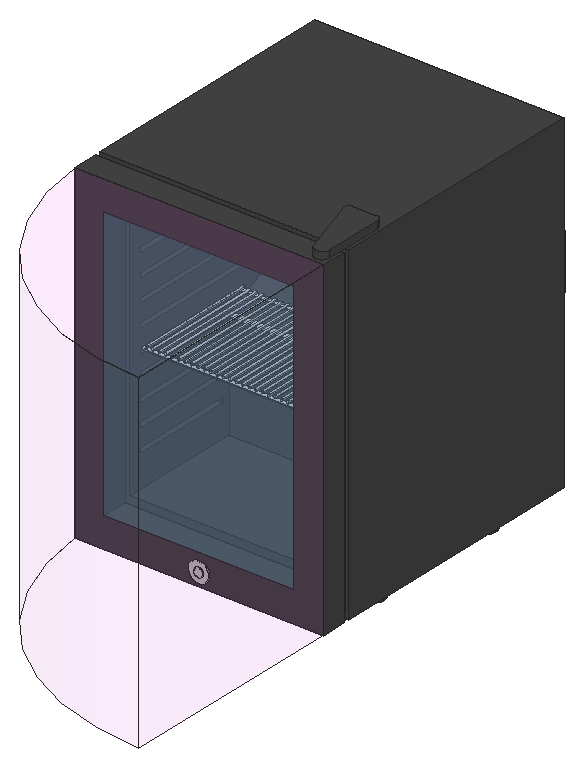
Revit family "QF_Summit_SCR114L_Compact_Commercial_Beverage", category Specialty Equipment, Revit 2020
Family settings
  Round Connector Dimension = Use Diameter
  Part Type = Normal
  Work Plane-Based = No
  Always vertical = Yes
  Cut with Voids When Loaded = No
  Shared = No
  Room Calculation Point = No
Parameters
  Weight in Pounds = 47
  Watts = Volts * FL Amps  # 149.5 W
  Volts = 115 V
  URL Cutsheet = ""
  Specification by User = ""
  Specification by Manufacturer = ""
  Show RHD [instance] = not(Show LHD)  # no
  Show LHD [instance] = yes
  Show Clearance [instance] = yes
  Serial Number = ""
  Seismic Rating = ""
  SMACNA No = ""
  Revision Code = ""
  Refrigerant Volume = 0.00 kip
  Refrigerant Type = "R600a"
  Phase = 1
  Number of Poles = 1
  NAFEM Spec ID Number = ""
  Model = "SCR114L"
  Min Ckt Ampacity = 0 A
  Max Overcurrent Protection = 0 A
  Masterspec = ""
  Manufacturer = "Summit"
  Length = 13 3/4"
  Item Number = ""
  Installed By = ""
  Identify Quantity as Lot = yes
  Height = 19 1/4"
  HP = ""
  Furnished By = ""
  Foodservice Equipment Identifier = yes
  FL Amps = 1.3 A
  Electrical Remarks = ""
  Electric Connection Type = ""
  Elec Conn RI Height = 0"
  Elec Conn Connection Height = 0"
  Description = "Compact Commercial Beverage"
  Depth = 17 1/4"
  Default Elevation = 0"
  Cycle = 60 Hz
  Conn Plug = ""
  Conn Conduit = yes
  CSI MasterFormat = ""
  BTUH = 0.0 Btu/h
  Apparent Power = 0 VA
Reference planes (in)
  plane 1 "BACK": y = 0
  plane 2: z = 0
  plane 3 "LEFT": x = 0
  plane 4 "RIGHT": x = 13.75
  plane 5 "FRONT": y = -17.25
  plane 6 "TOP": z = 19.25
  plane 7 "Center Y": x = 6.875
  plane 8 "Center X": y = -8.625
Dimensions and locks (in)
  equal spacing: plane 3 "LEFT", plane 7 "Center Y", plane 4 "RIGHT"
  "Length": plane 3 "LEFT" to plane 4 "RIGHT"
  equal spacing: plane 5 "FRONT", plane 8 "Center X", plane 1 "BACK"
  "Depth": plane 5 "FRONT" to plane 1 "BACK"
  "Height": plane 6 "TOP" to level
  aligned and locked: level to plane 2
Nested families (in)
  nested 1: "SCR114L" at (0, 0, 0), Show Clearance <- "Show Clearance", Show LHD <- "Show LHD", Show RHD <- "Show RHD", type "SCR114L"
    with Show RHD no, Show LHD yes, Show Clearance yes
Connectors (in)
  electrical at (11.77328, -0.59375, 1.33929), driven by "Volts", driven by "Watts"
    settings: on nested 1, index 1, voltage 115 V, apparent load 149.5 VA, apparent load phase1 0 VA, apparent load phase2 0 VA, apparent load phase3 0 VA, power factor 1, load classification "Other", number of poles 1, system type 30, power factor state 1, is connector primary yes, connector utility no, sub classification motor no, connector description "ELECTRICAL CONNECTION"
Definition of nested family "SCR114L"
  Parameters (values of type "SCR114L")
    Weight in Pounds = 0
    URL Cutsheet = ""
    Specification by User = ""
    Specification by Manufacturer = ""
    Show RHD [instance] = yes
    Show LHD [instance] = yes
    Show Clearance [instance] = yes
    Serial Number = ""
    Seismic Rating = ""
    SMACNA No = ""
    Revision Code = ""
    NAFEM Spec ID Number = ""
    Masterspec = ""
    Length = 13 3/4"
    Item Number = ""
    Installed By = ""
    Identify Quantity as Lot = yes
    Height = 18 7/8"
    Furnished By = ""
    Foodservice Equipment Identifier = yes
    Depth = 17 1/4"
    Default Elevation = 0"
    CSI MasterFormat = ""
  Reference planes (in)
    plane 1 "BACK": y = 0
    plane 2: z = 0
    plane 3 "LEFT": x = 0
    plane 4 "RIGHT": x = 13.75
    plane 5 "FRONT": y = -17.25
    plane 6 "TOP": z = 18.875
    plane 7 "Center Y": x = 6.875
    plane 8 "Center X": y = -8.625
    plane 9: z = 19.25
    plane 10: z = 0.5
    plane 11: y = -30
    plane 12: y = -0.625
    plane 13: y = -15.5
  Forms (in)
    Extrusion 1, solid, visible <- "Show LHD"
      sketch origin (-2.05189, -180, 18.875) x (-1, 0, 0) y (0, -1, 0)
        loop
          arc (-13.99701, -167.06568) -> (-13.79605, -166.96438) -> (-13.75793, -166.74258) r 0.25
          line (-13.75793, -166.74258) -> (-14.81116, -163.29763)
          arc (-14.81116, -163.29763) -> (-15.27142, -163.00723) -> (-15.62667, -163.41951) r 0.41686
          line (-15.62667, -163.41951) -> (-15.62667, -166.71523)
          arc (-15.62667, -166.71523) -> (-15.52402, -166.96303) -> (-15.27622, -167.06568) r 0.35044
          line (-15.27622, -167.06568) -> (-13.99701, -167.06568)
      from 0 to 0.375
    Extrusion 2, solid
      sketch origin (-5.86873, -0.625, 48) x (-1, 0, 0) y (0, 0, 1)
        loop
          line (-5.86873, -29.125) -> (-19.61873, -29.125) -> (-19.61873, -47.5) -> (-5.86873, -47.5) -> (-5.86873, -29.125)
        loop
          line (-7.49152, -30.73628) -> (-17.99152, -30.73628) -> (-17.99152, -45.60013) -> (-7.49152, -45.60013) -> (-7.49152, -30.73628)
      from 0 to -14.875
    Extrusion 3, solid
      sketch origin (0, -17.25, 0) x (1, 0, 0) y (0, 0, 1)
        loop
          line (0, 18.875) -> (0, 0.5) -> (13.75, 0.5) -> (13.75, 18.875) -> (0, 18.875)
        loop
          line (1.62279, 17.26372) -> (1.62279, 2.1726) -> (12.12279, 2.1726) -> (12.12279, 17.26372) -> (1.62279, 17.26372)
      from 0 to -1.41961
    Extrusion 4, solid
      sketch origin (11.87279, -0.625, 2.39987) x (-1, 0, 0) y (0, -1, 0)
        loop
          line (10.25, 3.84042) -> (-0.25, 3.84042) -> (-0.25, 0) -> (10.25, 0) -> (10.25, 3.84042)
      from 0 to 15.25
    Extrusion 5, solid
      sketch origin (1.62279, -17.25, 16.26372) x (0, 0, 1) y (0, -1, 0)
        loop
          line (-5.84735, -12.78458) -> (-7.76691, -8.76722)
          arc (-7.76691, -8.76722) -> (-7.85915, -8.66352) -> (-7.99248, -8.625) r 0.25
          line (-7.99248, -8.625) -> (-14.09112, -8.625) -> (-14.09112, -12.78458) -> (-5.84735, -12.78458)
      from 0 to 10.5
    Extrusion 6, void
      sketch origin (1.62279, -4.46542, 2.01372) x (-1, 0, 0) y (0, 0, 1)
        loop
          line (0.41888, 12.40644) -> (0, 12.40644) -> (0, 12.08856) -> (0.41888, 12.08856) -> (0.41888, 12.40644)
        loop
          line (0.41888, 11.15644) -> (0, 11.15644) -> (0, 10.83856) -> (0.41888, 10.83856) -> (0.41888, 11.15644)
        loop
          line (0.41888, 9.90644) -> (0, 9.90644) -> (0, 9.58856) -> (0.41888, 9.58856) -> (0.41888, 9.90644)
        loop
          line (0.41888, 8.65644) -> (0, 8.65644) -> (0, 8.33856) -> (0.41888, 8.33856) -> (0.41888, 8.65644)
        loop
          line (-10.91888, 12.40644) -> (-10.91888, 12.08856) -> (-10.5, 12.08856) -> (-10.5, 12.40644) -> (-10.91888, 12.40644)
        loop
          line (-10.91888, 11.15644) -> (-10.91888, 10.83856) -> (-10.5, 10.83856) -> (-10.5, 11.15644) -> (-10.91888, 11.15644)
        loop
          line (-10.91888, 9.90644) -> (-10.91888, 9.58856) -> (-10.5, 9.58856) -> (-10.5, 9.90644) -> (-10.91888, 9.90644)
        loop
          line (-10.91888, 8.65644) -> (-10.91888, 8.33856) -> (-10.5, 8.33856) -> (-10.5, 8.65644) -> (-10.91888, 8.65644)
      from -0.43331 to -10.34645
    Extrusion 7, void
      sketch origin (0, 0, 0) x (1, 0, 0) y (0, 0, 1)
        loop
          line (12.54167, 9.42016) -> (12.12279, 9.42016) -> (12.12279, 9.10228) -> (12.54167, 9.10228) -> (12.54167, 9.42016)
        loop
          line (1.20391, 9.42016) -> (1.20391, 9.10228) -> (1.62279, 9.10228) -> (1.62279, 9.42016) -> (1.20391, 9.42016)
      from 7.46394 to 14.81187
    Extrusion 8, void
      sketch origin (1.62279, -4.46542, -4.16508) x (-1, 0, 0) y (0, 0, 1)
        loop
          line (0.41888, 12.40644) -> (0, 12.40644) -> (0, 12.08856) -> (0.41888, 12.08856) -> (0.41888, 12.40644)
        loop
          line (0.41888, 11.15644) -> (0, 11.15644) -> (0, 10.83856) -> (0.41888, 10.83856) -> (0.41888, 11.15644)
        loop
          line (0.41888, 9.90644) -> (0, 9.90644) -> (0, 9.58856) -> (0.41888, 9.58856) -> (0.41888, 9.90644)
        loop
          line (0.41888, 8.65644) -> (0, 8.65644) -> (0, 8.33856) -> (0.41888, 8.33856) -> (0.41888, 8.65644)
        loop
          line (-10.91888, 12.40644) -> (-10.91888, 12.08856) -> (-10.5, 12.08856) -> (-10.5, 12.40644) -> (-10.91888, 12.40644)
        loop
          line (-10.91888, 11.15644) -> (-10.91888, 10.83856) -> (-10.5, 10.83856) -> (-10.5, 11.15644) -> (-10.91888, 11.15644)
        loop
          line (-10.91888, 9.90644) -> (-10.91888, 9.58856) -> (-10.5, 9.58856) -> (-10.5, 9.90644) -> (-10.91888, 9.90644)
        loop
          line (-10.91888, 8.65644) -> (-10.91888, 8.33856) -> (-10.5, 8.33856) -> (-10.5, 8.65644) -> (-10.91888, 8.65644)
      from -4.53572 to -10.34645
    Extrusion 9, solid
      sketch origin (0, -3.41747, 12.82408) x (0, -1, 0) y (1, 0, 0)
        loop
          arc (-3.41747, 0.50556) -> (-3.38086, 0.41717) -> (-3.29247, 0.38056) r 0.125
          line (-3.29247, 0.38056) -> (-2.79247, 0.38056) -> (-2.79247, 1.64968) -> (-3.25616, 1.64968)
          arc (-3.25616, 1.64968) -> (-3.37022, 1.60243) -> (-3.41747, 1.48837) r 0.16131
          line (-3.41747, 1.48837) -> (-3.41747, 0.50556)
        loop
          line (-3.41747, 13.24444) -> (-3.41747, 12.26163)
          arc (-3.41747, 12.26163) -> (-3.37022, 12.14757) -> (-3.25616, 12.10032) r 0.16131
          line (-3.25616, 12.10032) -> (-2.79247, 12.10032) -> (-2.79247, 13.36944) -> (-3.29247, 13.36944)
          arc (-3.29247, 13.36944) -> (-3.38086, 13.33283) -> (-3.41747, 13.24444) r 0.125
      from 0 to -3
    Sweep 10, solid
      path origin (12.12279, -17.25, 2.1726) x (-1, 0, 0) y (0, -1, 0)
        loop
          arc (10.73713, -3.10695) -> (10.66391, -2.93017) -> (10.48713, -2.85695) r 0.25
          line (10.48713, -2.85695) -> (0.01472, -2.85695)
          arc (0.01472, -2.85695) -> (-0.16206, -2.93017) -> (-0.23528, -3.10695) r 0.25
          line (-0.23528, -3.10695) -> (-0.23528, -9.28752)
          arc (-0.23528, -9.28752) -> (-0.16206, -9.46429) -> (0.01472, -9.53752) r 0.25
          line (0.01472, -9.53752) -> (10.48713, -9.53752)
          arc (10.48713, -9.53752) -> (10.66391, -9.46429) -> (10.73713, -9.28752) r 0.25
          line (10.73713, -9.28752) -> (10.73713, -3.10695)
      profile origin (1.38566, -11.05277, 2.1726) x (-1, 0, 0) y (0, 0, 1)
        loop
          circle (-0.0341, 7.02025) r 0.09057
    Extrusion 11, solid
      sketch origin (0, -17.25, 0) x (1, 0, 0) y (0, 0, 1)
        loop
          circle (1.68991, 9.33999) r 0.05664
      from -9.52422 to -2.8379
    Extrusion 12, solid
      sketch origin (10.33158, -17.25, 0) x (1, 0, 0) y (0, 0, 1)
        loop
          circle (1.68991, 9.33999) r 0.05664
      from -9.52422 to -2.8379
    Extrusion 13, solid
      sketch origin (0.35626, -17.25, 0) x (1, 0, 0) y (0, 0, 1)
        loop
          circle (1.68991, 9.33999) r 0.05664
      from -9.52422 to -2.8379
    Extrusion 14, solid
      sketch origin (0.71252, -17.25, 0) x (1, 0, 0) y (0, 0, 1)
        loop
          circle (1.68991, 9.33999) r 0.05664
      from -9.52422 to -2.8379
    Extrusion 15, solid
      sketch origin (1.06878, -17.25, 0) x (1, 0, 0) y (0, 0, 1)
        loop
          circle (1.68991, 9.33999) r 0.05664
      from -9.52422 to -2.8379
    Extrusion 16, solid
      sketch origin (1.42505, -17.25, 0) x (1, 0, 0) y (0, 0, 1)
        loop
          circle (1.68991, 9.33999) r 0.05664
      from -9.52422 to -2.8379
    Extrusion 17, solid
      sketch origin (1.78131, -17.25, 0) x (1, 0, 0) y (0, 0, 1)
        loop
          circle (1.68991, 9.33999) r 0.05664
      from -9.52422 to -2.8379
    Extrusion 18, solid
      sketch origin (2.13757, -17.25, 0) x (1, 0, 0) y (0, 0, 1)
        loop
          circle (1.68991, 9.33999) r 0.05664
      from -9.52422 to -2.8379
    Extrusion 19, solid
      sketch origin (2.49383, -17.25, 0) x (1, 0, 0) y (0, 0, 1)
        loop
          circle (1.68991, 9.33999) r 0.05664
      from -9.52422 to -2.8379
    Extrusion 20, solid
      sketch origin (2.85009, -17.25, 0) x (1, 0, 0) y (0, 0, 1)
        loop
          circle (1.68991, 9.33999) r 0.05664
      from -9.52422 to -2.8379
    Extrusion 21, solid
      sketch origin (3.20635, -17.25, 0) x (1, 0, 0) y (0, 0, 1)
        loop
          circle (1.68991, 9.33999) r 0.05664
      from -9.52422 to -2.8379
    Extrusion 22, solid
      sketch origin (3.56261, -17.25, 0) x (1, 0, 0) y (0, 0, 1)
        loop
          circle (1.68991, 9.33999) r 0.05664
      from -9.52422 to -2.8379
    Extrusion 23, solid
      sketch origin (3.91888, -17.25, 0) x (1, 0, 0) y (0, 0, 1)
        loop
          circle (1.68991, 9.33999) r 0.05664
      from -9.52422 to -2.8379
    Extrusion 24, solid
      sketch origin (4.27514, -17.25, 0) x (1, 0, 0) y (0, 0, 1)
        loop
          circle (1.68991, 9.33999) r 0.05664
      from -9.52422 to -2.8379
    Extrusion 25, solid
      sketch origin (4.6314, -17.25, 0) x (1, 0, 0) y (0, 0, 1)
        loop
          circle (1.68991, 9.33999) r 0.05664
      from -9.52422 to -2.8379
    Extrusion 26, solid
      sketch origin (4.98766, -17.25, 0) x (1, 0, 0) y (0, 0, 1)
        loop
          circle (1.68991, 9.33999) r 0.05664
      from -9.52422 to -2.8379
    Extrusion 27, solid
      sketch origin (5.34392, -17.25, 0) x (1, 0, 0) y (0, 0, 1)
        loop
          circle (1.68991, 9.33999) r 0.05664
      from -9.52422 to -2.8379
    Extrusion 28, solid
      sketch origin (5.70018, -17.25, 0) x (1, 0, 0) y (0, 0, 1)
        loop
          circle (1.68991, 9.33999) r 0.05664
      from -9.52422 to -2.8379
    Extrusion 29, solid
      sketch origin (6.05644, -17.25, 0) x (1, 0, 0) y (0, 0, 1)
        loop
          circle (1.68991, 9.33999) r 0.05664
      from -9.52422 to -2.8379
    Extrusion 30, solid
      sketch origin (6.41271, -17.25, 0) x (1, 0, 0) y (0, 0, 1)
        loop
          circle (1.68991, 9.33999) r 0.05664
      from -9.52422 to -2.8379
    Extrusion 31, solid
      sketch origin (6.76897, -17.25, 0) x (1, 0, 0) y (0, 0, 1)
        loop
          circle (1.68991, 9.33999) r 0.05664
      from -9.52422 to -2.8379
    Extrusion 32, solid
      sketch origin (7.12523, -17.25, 0) x (1, 0, 0) y (0, 0, 1)
        loop
          circle (1.68991, 9.33999) r 0.05664
      from -9.52422 to -2.8379
    Extrusion 33, solid
      sketch origin (7.48149, -17.25, 0) x (1, 0, 0) y (0, 0, 1)
        loop
          circle (1.68991, 9.33999) r 0.05664
      from -9.52422 to -2.8379
    Extrusion 34, solid
      sketch origin (7.83775, -17.25, 0) x (1, 0, 0) y (0, 0, 1)
        loop
          circle (1.68991, 9.33999) r 0.05664
      from -9.52422 to -2.8379
    Extrusion 35, solid
      sketch origin (8.19401, -17.25, 0) x (1, 0, 0) y (0, 0, 1)
        loop
          circle (1.68991, 9.33999) r 0.05664
      from -9.52422 to -2.8379
    Extrusion 36, solid
      sketch origin (8.55027, -17.25, 0) x (1, 0, 0) y (0, 0, 1)
        loop
          circle (1.68991, 9.33999) r 0.05664
      from -9.52422 to -2.8379
    Extrusion 37, solid
      sketch origin (8.90654, -17.25, 0) x (1, 0, 0) y (0, 0, 1)
        loop
          circle (1.68991, 9.33999) r 0.05664
      from -9.52422 to -2.8379
    Extrusion 38, solid
      sketch origin (9.2628, -17.25, 0) x (1, 0, 0) y (0, 0, 1)
        loop
          circle (1.68991, 9.33999) r 0.05664
      from -9.52422 to -2.8379
    Extrusion 39, solid
      sketch origin (9.61906, -17.25, 0) x (1, 0, 0) y (0, 0, 1)
        loop
          circle (1.68991, 9.33999) r 0.05664
      from -9.52422 to -2.8379
    Extrusion 40, solid
      sketch origin (9.97532, -17.25, 0) x (1, 0, 0) y (0, 0, 1)
        loop
          circle (1.68991, 9.33999) r 0.05664
      from -9.52422 to -2.8379
    Revolve 41, solid
      sketch origin (0, -12.5, 3.4054) x (0, 0, 1) y (1, 0, 0)
        loop
          line (-3.4054, 1.04688) -> (-2.9054, 1.04688) -> (-2.9054, 1.65899) -> (-3.4054, 1.65899) -> (-3.4054, 1.04688)
        axis (-2.9054, 1.04688) -> (-3.4054, 1.04688)
      angle from 0 to 360
    Revolve 42, solid
      sketch origin (0, -12.5, 3.4054) x (0, 0, 1) y (1, 0, 0)
        loop
          line (-3.4054, 12.70312) -> (-3.4054, 12.09101) -> (-2.9054, 12.09101) -> (-2.9054, 12.70312) -> (-3.4054, 12.70312)
        axis (-2.9054, 12.70312) -> (-3.4054, 12.70312)
      angle from 0 to 360
    Revolve 43, solid
      sketch origin (0, -4.75, 3.4054) x (0, 0, 1) y (-1, 0, 0)
        loop
          line (-3.4054, -1.04688) -> (-3.4054, -1.65899) -> (-2.9054, -1.65899) -> (-2.9054, -1.04688) -> (-3.4054, -1.04688)
        axis (-2.9054, -1.04688) -> (-3.4054, -1.04688)
      angle from 0 to 360
    Revolve 44, solid
      sketch origin (0, -4.75, 3.4054) x (0, 0, 1) y (-1, 0, 0)
        loop
          line (-3.4054, -12.70312) -> (-2.9054, -12.70312) -> (-2.9054, -12.09101) -> (-3.4054, -12.09101) -> (-3.4054, -12.70312)
        axis (-2.9054, -12.70312) -> (-3.4054, -12.70312)
      angle from 0 to 360
    Extrusion 45, solid
      sketch origin (1.62279, -4.46542, 2.39987) x (1, 0, 0) y (0, 0, 1)
        loop
          circle (3.35161, 12.70524) r 1.75
        loop
          circle (3.35161, 12.70524) r 0.87189
        loop
          arc (8.42869, 13.22143) -> (8.55451, 12.2408) -> (8.72545, 13.21458) r 0.5
          line (8.72545, 13.21458) -> (8.56605, 13.49067) -> (8.42869, 13.22143)
        loop
          line (8.20713, 11.69364) -> (8.20713, 10.61244) -> (8.95713, 10.61244) -> (8.95713, 11.69364) -> (8.20713, 11.69364)
      from 0 to 0.03125
    Extrusion 46, solid
      sketch origin (12.12279, -0.625, 2.39987) x (-1, 0, 0) y (0, 0, 1)
        loop
          circle (0.34951, -1.06058) r 0.25
      from 0 to 0.03125
    Extrusion 47, solid
      sketch origin (-5.86873, -15.5, 48) x (1, 0, 0) y (0, 0, 1)
        loop
          line (19.38826, -29.42219) -> (6.09981, -29.42219) -> (6.09981, -47.26188) -> (19.38826, -47.26188) -> (19.38826, -29.42219)
        loop
          line (6.59981, -29.92219) -> (6.59981, -46.76188) -> (18.88826, -46.76188) -> (18.88826, -29.92219) -> (6.59981, -29.92219)
      from 0 to 0.33039
    Extrusion 48, solid
      sketch origin (0, -17.25, 0) x (1, 0, 0) y (0, 0, 1)
        loop
          circle (6.8753, 1.23812) r 0.57019
        loop
          circle (6.8753, 1.23812) r 0.25
      from 0 to 0.03125
    Extrusion 49, solid
      sketch origin (0, -17.25, 0) x (1, 0, 0) y (0, 0, 1)
        loop
          circle (6.8753, 1.23812) r 0.25
      from 0 to 0.05231
    Extrusion 50, solid
      sketch origin (-2.05189, -180, 0.5) x (0, 1, 0) y (1, 0, 0)
        loop
          line (166.625, 14.13174) -> (166.625, 15.27622)
          arc (166.625, 15.27622) -> (166.52236, 15.52402) -> (166.27456, 15.62667) r 0.35044
          line (166.27456, 15.62667) -> (163.41951, 15.62667)
          arc (163.41951, 15.62667) -> (163.00723, 15.27142) -> (163.29763, 14.81116) r 0.41686
          line (163.29763, 14.81116) -> (166.30191, 13.89266)
          arc (166.30191, 13.89266) -> (166.52371, 13.93077) -> (166.625, 14.13174) r 0.25
      from 0 to 0.08477
    Extrusion 51, solid, visible <- "Show LHD"
      sketch origin (13.75, -17.25, 0.5) x (0, 1, 0) y (1, 0, 0)
        loop
          line (0, -13.71359) -> (0, 0) -> (-12.75, 0)
          arc (-12.75, 0) -> (-9.07007, -9.36249) -> (0, -13.71359) r 13.75
      from 0 to -18.375
    Extrusion 52, solid
      sketch origin (0, -17.25, 0) x (1, 0, 0) y (0, 0, 1)
        loop
          line (1.62279, 17.26372) -> (1.62279, 2.1726) -> (12.12279, 2.1726) -> (12.12279, 17.26372) -> (1.62279, 17.26372)
      from 0 to -1.41961
    Extrusion 53, solid, visible <- "Show RHD"
      sketch origin (0, -17.25, 0.5) x (0, -1, 0) y (-1, 0, 0)
        loop
          arc (0, -13.71359) -> (9.07007, -9.36249) -> (12.75, 0) r 13.75
          line (12.75, 0) -> (0, 0) -> (0, -13.71359)
      from 0 to -18.375
  Cuts and joins
    Extrusion 6, Extrusion 7, Extrusion 8 cuts Extrusion 2
    Extrusion 6, Extrusion 7, Extrusion 8 cuts Extrusion 4
    joined: Extrusion 2, Extrusion 4, Extrusion 9
    Extrusion 6, Extrusion 7 cuts Extrusion 5
  Lines and regions (in)
    symbolic lines
      curve 1: line (0, -0.625, 0) -> (13.75, -0.625, 0)
      curve 2: line (0, -15.5, 0) -> (0, -0.625, 0)
      curve 3: line (13.75, -15.5, 0) -> (13.57478, -15.5, 0)
      curve 4: line (13.75, -0.625, 0) -> (13.75, -15.5, 0)
      curve 12: line (13.75, -17.25, 0) -> (13.75, -15.83039, 0)
      curve 13: line (13.75, -15.83039, 0) -> (13.57478, -15.83039, 0)
      curve 14: line (0, -17.25, 0) -> (13.75, -17.25, 0)
      curve 15: line (0, -15.83039, 0) -> (0, -17.25, 0)
      curve 18: line (0.38056, -0.625, 0) -> (0.38056, -0.125, 0)
      curve 19: line (1.64968, -0.625, 0) -> (1.64968, -0.16131, 0)
      curve 20: arc (0.50556, 0, 0) -> (0.41717, -0.03661, 0) -> (0.38056, -0.125, 0) r 0.125
      curve 21: line (1.48837, 0, 0) -> (0.50556, 0, 0)
      curve 22: arc (1.64968, -0.16131, 0) -> (1.60243, -0.04725, 0) -> (1.48837, 0, 0) r 0.16131
      curve 23: line (13.36944, -0.625, 0) -> (13.36944, -0.125, 0)
      curve 24: arc (13.36944, -0.125, 0) -> (13.33283, -0.03661, 0) -> (13.24444, 0, 0) r 0.125
      curve 25: line (13.24444, 0, 0) -> (12.26163, 0, 0)
      curve 26: arc (12.26163, 0, 0) -> (12.14757, -0.04725, 0) -> (12.10032, -0.16131, 0) r 0.16131
      curve 27: line (12.10032, -0.16131, 0) -> (12.10032, -0.625, 0)
    symbolic lines, visible <- "Show LHD"
      curve 5: line (12.39167, -15.5, 0) -> (0, -15.5, 0)
      curve 6: line (13.22433, -12.93432, 0) -> (11.94512, -12.93432, 0)
      curve 7: arc (11.94512, -12.93432, 0) -> (11.74416, -13.03562, 0) -> (11.70605, -13.25742, 0) r 0.25
      curve 8: line (11.70605, -13.25742, 0) -> (12.75927, -16.70237, 0)
      curve 9: arc (12.75927, -16.70237, 0) -> (13.21953, -16.99277, 0) -> (13.57478, -16.58049, 0) r 0.41686
      curve 10: line (13.57478, -16.58049, 0) -> (13.57478, -13.28477, 0)
      curve 11: arc (13.57478, -13.28477, 0) -> (13.47214, -13.03697, 0) -> (13.22433, -12.93432, 0) r 0.35044
      curve 16: line (0.23108, -15.5, 0) -> (0.23108, -15.83039, 0)
      curve 17: line (12.49268, -15.83039, 0) -> (0, -15.83039, 0)
      curve 28: line (13.75, -15.83039, 0) -> (1.66461, -22.80789, 0)
      curve 29: arc (1.66461, -22.80789, 0) -> (0.37258, -19.42915, 0) -> (0.0064, -15.83039, 0) r 13.75
    symbolic lines, visible <- "Show RHD"
      curve 30: line (1.35833, -15.5, 0) -> (13.75, -15.5, 0)
      curve 31: line (0.52567, -12.93432, 0) -> (1.80488, -12.93432, 0)
      curve 32: arc (1.80488, -12.93432, 0) -> (2.00584, -13.03562, 0) -> (2.04395, -13.25742, 0) r 0.25
      curve 33: line (2.04395, -13.25742, 0) -> (0.99073, -16.70237, 0)
      curve 34: arc (0.99073, -16.70237, 0) -> (0.53047, -16.99277, 0) -> (0.17522, -16.58049, 0) r 0.41686
      curve 35: line (0.17522, -16.58049, 0) -> (0.17522, -13.28477, 0)
      curve 36: arc (0.17522, -13.28477, 0) -> (0.27786, -13.03697, 0) -> (0.52567, -12.93432, 0) r 0.35044
      curve 37: line (13.51892, -15.5, 0) -> (13.51892, -15.83039, 0)
      curve 38: line (1.25732, -15.83039, 0) -> (13.75, -15.83039, 0)
      curve 39: line (0, -15.83039, 0) -> (12.08539, -22.80789, 0)
      curve 40: arc (12.08539, -22.80789, 0) -> (13.37742, -19.42915, 0) -> (13.7436, -15.83039, 0) r 13.75
  Dimensions and locks (in)
    equal spacing: plane 3 "LEFT", plane 7 "Center Y", plane 4 "RIGHT"
    "Length": plane 3 "LEFT" to plane 4 "RIGHT"
    equal spacing: plane 5 "FRONT", plane 8 "Center X", plane 1 "BACK"
    "Depth": plane 5 "FRONT" to plane 1 "BACK"
    "Height": plane 6 "TOP" to level
    plane 9 to plane 6 "TOP" = 3/8"
    plane 10 to level = 1/2"
    plane 1 "BACK" to plane 11 = 30"
    plane 1 "BACK" to plane 12 = 5/8"
    plane 12 to plane 13 = 14 7/8"
    equal spacing: group 1, group 3, group 4, group 5, group 6, group 7, group 8, group 9, group 10, group 11, group 12, group 13, group 14, group 15, group 16, group 17, group 18, group 19, group 20, group 21, group 22, group 23, group 24, group 25, group 26, group 27, group 28, group 29, group 30, group 2  (x3)
    aligned and locked: level to plane 2
  Automatic sketch dimensions
    curve 1 to plane 3 "LEFT" = 0"
    curve 40 to plane 3 "LEFT" = 0"
    curve 39 to plane 3 "LEFT" = 0"
    curve 16 to plane 13 = 0"
    curve 18 to plane 12 = 0"
    plane 1 "BACK" to curve 21 = 0"
    curve 30 to plane 13 = 0"
    plane 1 "BACK" to curve 25 = 0"
    curve 12 to plane 4 "RIGHT" = 0"
    curve 4 to plane 4 "RIGHT" = 0"
    curve 29 to plane 4 "RIGHT" = 0"
    plane 5 "FRONT" to curve 12 = 0"
    plane 3 "LEFT" to curve 35 = 0.17522"
    plane 1 "BACK" to curve 18 = 1/8"
    plane 3 "LEFT" to curve 18 = 0.38056"
    curve 35 to curve 36 = 0.35044"
    curve 34 to curve 34 = 0.41686"
    curve 33 to plane 5 "FRONT" = 0.54763"
    curve 34 to curve 33 = 0.39864"
    plane 1 "BACK" to curve 22 = 0.16131"
    curve 20 to curve 22 = 0.98281"
    plane 3 "LEFT" to curve 28 = 1.66461"
    curve 31 to curve 31 = 1.27921"
    curve 32 to curve 33 = 0.23908"
    plane 4 "RIGHT" to curve 8 = 2.04395"
    curve 7 to curve 7 = 0.23908"
    plane 4 "RIGHT" to curve 39 = 1.66461"
    plane 1 "BACK" to curve 27 = 0.16131"
    plane 4 "RIGHT" to curve 27 = 1.64968"
    plane 4 "RIGHT" to curve 8 = 0.99073"
    curve 9 to curve 9 = 0.39864"
    plane 4 "RIGHT" to curve 11 = 0.52567"
    plane 1 "BACK" to curve 24 = 1/8"
    plane 4 "RIGHT" to curve 24 = 0.50556"
    plane 4 "RIGHT" to curve 10 = 0.17522"
    plane 5 "FRONT" to curve 39 = 5.55789"
    plane 5 "FRONT" to curve 28 = 5.55789"
    curve 8 to plane 5 "FRONT" = 0.54763"
    curve 35 to curve 40 = 0.33049"
    curve 9 to curve 29 = 0.33049"
    curve 39 to curve 2 = 0.33039"
    curve 38 to curve 3 = 0.33039"
    plane 13 to curve 35 = 2.21523"
    plane 13 to curve 11 = 2.21523"
    curve 33 to curve 31 = 0.32309"
    curve 8 to curve 6 = 0.32309"
    curve 15 to curve 29 = 0.0064"
    curve 29 to curve 16 = 0.22467"
    curve 37 to curve 3 = 0.05586"
    plane 4 "RIGHT" to curve 40 = 0.0064"
    plane 4 "RIGHT" to Extrusion 1 sketch curve = 0.17522"
    Extrusion 1 sketch curve to Extrusion 1 sketch curve = 0.35044"
    Extrusion 1 sketch curve to Extrusion 1 sketch curve = 0.41686"
    Extrusion 1 sketch curve to plane 5 "FRONT" = 0.54763"
    Extrusion 1 sketch curve to Extrusion 1 sketch curve = 0.39864"
    Extrusion 1 sketch curve to Extrusion 1 sketch curve = 1.27921"
    Extrusion 1 sketch curve to Extrusion 1 sketch curve = 0.23908"
    plane 13 to Extrusion 1 sketch curve = 2.21523"
    Extrusion 1 sketch curve to Extrusion 1 sketch curve = 0.32309"
    plane 4 "RIGHT" to Extrusion 2 sketch curve = 0"
    Extrusion 2 sketch curve to plane 3 "LEFT" = 0"
    Extrusion 2 sketch curve to plane 10 = 0"
    Extrusion 2 sketch curve to plane 6 "TOP" = 0"
    plane 4 "RIGHT" to Extrusion 2 sketch curve = 1.62721"
    plane 3 "LEFT" to Extrusion 2 sketch curve = 1.62279"
    plane 10 to Extrusion 2 sketch curve = 1.89987"
    Extrusion 2 sketch curve to plane 6 "TOP" = 1.61128"
    Extrusion 3 sketch curve to plane 3 "LEFT" = 0"
    plane 4 "RIGHT" to Extrusion 3 sketch curve = 0"
    Extrusion 3 sketch curve to plane 10 = 0"
    Extrusion 3 sketch curve to plane 6 "TOP" = 0"
    plane 3 "LEFT" to Extrusion 3 sketch curve = 1.62279"
    plane 4 "RIGHT" to Extrusion 3 sketch curve = 1.62721"
    plane 10 to Extrusion 3 sketch curve = 1.6726"
    Extrusion 3 sketch curve to plane 6 "TOP" = 1.61128"
    Extrusion 4 sketch curve to Extrusion 2 = 0"  (x3)
    Extrusion 4 sketch curve to Extrusion 4 sketch curve = 3.84042"
    Extrusion 3 to Extrusion 5 sketch curve = 0"
    Extrusion 3 to Extrusion 5 sketch curve = 6.09864"
    Extrusion 5 sketch curve to Extrusion 5 sketch curve = 0.22557"
    Extrusion 5 sketch curve to Extrusion 5 sketch curve = 1.91955"
    Extrusion 5 sketch curve to Extrusion 3 = 11.36496"
    Extrusion 5 sketch curve to Extrusion 5 sketch curve = 3.90958"
    Extrusion 5 sketch curve to Extrusion 5 sketch curve = 0.10778"
    plane 4 "RIGHT" to Extrusion 6 sketch curve = 1.20833"  (x2)
    Extrusion 6 sketch curve to Extrusion 6 sketch curve = 0"  (x4)
    Extrusion 6 sketch curve to Extrusion 6 sketch curve = 0.41888"  (x8)
    plane 3 "LEFT" to Extrusion 6 sketch curve = 1.62279"  (x2)
    Extrusion 6 sketch curve to plane 6 "TOP" = 8.52272"  (x2)
    Extrusion 6 sketch curve to Extrusion 6 sketch curve = 0.31789"  (x8)
    Extrusion 6 sketch curve to Extrusion 6 sketch curve = 0.93211"  (x6)
    plane 3 "LEFT" to Extrusion 7 sketch curve = 1.20391"
    Extrusion 7 sketch curve to Extrusion 7 sketch curve = 0.41888"  (x2)
    plane 4 "RIGHT" to Extrusion 7 sketch curve = 1.62721"
    plane 10 to Extrusion 7 sketch curve = 8.60228"  (x2)
    Extrusion 7 sketch curve to Extrusion 7 sketch curve = 0.31789"  (x2)
    plane 4 "RIGHT" to Extrusion 8 sketch curve = 1.20833"  (x2)
    Extrusion 8 sketch curve to Extrusion 8 sketch curve = 0"  (x4)
    Extrusion 8 sketch curve to Extrusion 8 sketch curve = 0.41888"  (x8)
    plane 3 "LEFT" to Extrusion 8 sketch curve = 1.62279"  (x2)
    plane 10 to Extrusion 8 sketch curve = 3.67347"  (x2)
    Extrusion 8 sketch curve to Extrusion 8 sketch curve = 0.31789"  (x8)
    Extrusion 8 sketch curve to Extrusion 8 sketch curve = 0.93211"  (x6)
    plane 1 "BACK" to Extrusion 9 sketch curve = 0"  (x2)
    Extrusion 9 sketch curve to plane 12 = 0"  (x2)
    plane 1 "BACK" to Extrusion 9 sketch curve = 1/8"  (x2)
    plane 1 "BACK" to Extrusion 9 sketch curve = 0.16131"  (x2)
    plane 3 "LEFT" to Extrusion 9 sketch curve = 0.38056"
    Extrusion 9 sketch curve to Extrusion 9 sketch curve = 0.98281"
    plane 4 "RIGHT" to Extrusion 9 sketch curve = 1.64968"
    plane 4 "RIGHT" to Extrusion 9 sketch curve = 0.50556"
    Sweep 10 sketch curve to Extrusion 3 = 0.23528"
    Extrusion 3 to Sweep 10 sketch curve = 0.01472"  (x2)
    Sweep 10 sketch curve to Extrusion 3 = 0.01287"  (x2)
    Extrusion 3 to Sweep 10 sketch curve = 0.23713"
    Sweep 10 sketch curve to Extrusion 3 = 8.1179"
    Sweep 10 sketch curve to Extrusion 3 = 1.68733"
    profile plane to Sweep 10 sketch curve = 0.0341"
    profile plane to Sweep 10 sketch curve = 7.02025"
    Revolve 41 sketch curve to level = 0"
    Revolve 41 sketch curve to plane 10 = 0"  (x2)
    plane 3 "LEFT" to Revolve 41 sketch curve = 1 3/64"
    Revolve 41 sketch curve to Revolve 41 sketch curve = 0.61211"
    Revolve 41 sketch curve to plane 10 = 0.17507"
    Revolve 41 sketch curve to Revolve 41 sketch curve = 0"
    Revolve 42 sketch curve to level = 0"
    Revolve 42 sketch curve to plane 10 = 0"  (x2)
    plane 4 "RIGHT" to Revolve 42 sketch curve = 1.65899"
    Revolve 42 sketch curve to Revolve 42 sketch curve = 0.61211"
    Revolve 42 sketch curve to plane 10 = 0.17507"
    Revolve 42 sketch curve to Revolve 42 sketch curve = 0"
    Revolve 43 sketch curve to level = 0"
    Revolve 43 sketch curve to plane 10 = 0"  (x2)
    plane 3 "LEFT" to Revolve 43 sketch curve = 1.65899"
    Revolve 43 sketch curve to Revolve 43 sketch curve = 0.61211"
    Revolve 43 sketch curve to plane 10 = 0.17507"
    Revolve 43 sketch curve to Revolve 43 sketch curve = 0"
    Revolve 44 sketch curve to level = 0"
    Revolve 44 sketch curve to plane 10 = 0"  (x2)
    plane 4 "RIGHT" to Revolve 44 sketch curve = 1 3/64"
    Revolve 44 sketch curve to Revolve 44 sketch curve = 0.61211"
    Revolve 44 sketch curve to plane 10 = 0.17507"
    Revolve 44 sketch curve to Revolve 44 sketch curve = 0"
    Extrusion 45 sketch curve to Extrusion 45 sketch curve = 0"  (x2)
    Extrusion 4 to Extrusion 45 sketch curve = 3.35161"
    Extrusion 4 to Extrusion 45 sketch curve = 2.29287"
    Extrusion 45 sketch curve to Extrusion 45 sketch curve = 0.22156"
    Extrusion 45 sketch curve to Extrusion 45 sketch curve = 0.13736"  (x2)
    Extrusion 45 sketch curve to Extrusion 45 sketch curve = 0.29676"
    Extrusion 45 sketch curve to Extrusion 45 sketch curve = 3/4"
    Extrusion 4 to Extrusion 45 sketch curve = 4.63756"
    Extrusion 45 sketch curve to Extrusion 45 sketch curve = 1.0812"
    Extrusion 4 to Extrusion 45 sketch curve = 2.54476"
    Extrusion 45 sketch curve to Extrusion 45 sketch curve = 1.04702"
    Extrusion 45 sketch curve to Extrusion 45 sketch curve = 0.47391"
    Extrusion 45 sketch curve to Extrusion 45 sketch curve = 0.26924"
    Extrusion 4 to Extrusion 46 sketch curve = 0.34951"
    Extrusion 46 sketch curve to Extrusion 4 = 1.06058"
    Extrusion 47 sketch curve to Extrusion 2 = 0.23108"
    Extrusion 47 sketch curve to Extrusion 47 sketch curve = 1/2"  (x2)
    Extrusion 47 sketch curve to Extrusion 2 = 187/256"
    Extrusion 47 sketch curve to Extrusion 2 = 59/256"
    Extrusion 47 sketch curve to Extrusion 2 = 0.23812"
    Extrusion 47 sketch curve to Extrusion 2 = 0.79719"
    Extrusion 47 sketch curve to Extrusion 2 = 0.29719"
    Extrusion 48 sketch curve to Extrusion 48 sketch curve = 0"  (x2)
    Extrusion 48 sketch curve to Extrusion 3 = 0.73812"
    Extrusion 3 to Extrusion 48 sketch curve = 5.24749"
    Extrusion 49 sketch curve to Extrusion 49 sketch curve = 0"  (x2)
    Extrusion 49 sketch curve to Extrusion 3 = 0.73812"
    Extrusion 3 to Extrusion 49 sketch curve = 5.24749"
    Extrusion 49 sketch curve to Extrusion 49 sketch curve = 1/4"
    Extrusion 50 sketch curve to plane 5 "FRONT" = 0.54763"
    plane 4 "RIGHT" to Extrusion 50 sketch curve = 0.17522"
    Extrusion 50 sketch curve to plane 5 "FRONT" = 0.66951"
    plane 13 to Extrusion 50 sketch curve = 1.77456"
    Extrusion 50 sketch curve to Extrusion 50 sketch curve = 7/256"
    Extrusion 50 sketch curve to Extrusion 50 sketch curve = 0.07309"
    Extrusion 50 sketch curve to Extrusion 50 sketch curve = 0.35044"
    Extrusion 50 sketch curve to Extrusion 50 sketch curve = 0.41686"
    Extrusion 50 sketch curve to Extrusion 50 sketch curve = 1.14448"
    Extrusion 51 sketch curve to Extrusion 3 = 0"
    Extrusion 3 to Extrusion 51 sketch curve = 0"
    Extrusion 3 to Extrusion 51 sketch curve = 12 3/4"
    Extrusion 51 sketch curve to Extrusion 3 = 0.41961"
    plane 3 "LEFT" to Extrusion 52 sketch curve = 1.62279"
    plane 4 "RIGHT" to Extrusion 52 sketch curve = 1.62721"
    plane 10 to Extrusion 52 sketch curve = 1.6726"
    Extrusion 52 sketch curve to plane 6 "TOP" = 1.61128"
    Extrusion 53 sketch curve to Extrusion 3 = 0"
    Extrusion 3 to Extrusion 53 sketch curve = 0"
    Extrusion 53 sketch curve to Extrusion 3 = 0.41961"
    Extrusion 3 to Extrusion 53 sketch curve = 12 3/4"
    radius of Extrusion 11 sketch curve = 0.05664"
    radius of Extrusion 12 sketch curve = 0.05664"
    radius of Extrusion 13 sketch curve = 0.05664"
    radius of Extrusion 14 sketch curve = 0.05664"
    radius of Extrusion 15 sketch curve = 0.05664"
    radius of Extrusion 16 sketch curve = 0.05664"
    radius of Extrusion 17 sketch curve = 0.05664"
    radius of Extrusion 18 sketch curve = 0.05664"
    radius of Extrusion 19 sketch curve = 0.05664"
    radius of Extrusion 20 sketch curve = 0.05664"
    radius of Extrusion 21 sketch curve = 0.05664"
    radius of Extrusion 22 sketch curve = 0.05664"
    radius of Extrusion 23 sketch curve = 0.05664"
    radius of Extrusion 24 sketch curve = 0.05664"
    radius of Extrusion 25 sketch curve = 0.05664"
    radius of Extrusion 26 sketch curve = 0.05664"
    radius of Extrusion 27 sketch curve = 0.05664"
    radius of Extrusion 28 sketch curve = 0.05664"
    radius of Extrusion 29 sketch curve = 0.05664"
    radius of Extrusion 30 sketch curve = 0.05664"
    radius of Extrusion 31 sketch curve = 0.05664"
    radius of Extrusion 32 sketch curve = 0.05664"
    radius of Extrusion 33 sketch curve = 0.05664"
    radius of Extrusion 34 sketch curve = 0.05664"
    radius of Extrusion 35 sketch curve = 0.05664"
    radius of Extrusion 36 sketch curve = 0.05664"
    radius of Extrusion 37 sketch curve = 0.05664"
    radius of Extrusion 38 sketch curve = 0.05664"
    radius of Extrusion 39 sketch curve = 0.05664"
    radius of Extrusion 40 sketch curve = 0.05664"
    radius of Sweep 10 sketch curve = 0.09057"
    radius of Extrusion 45 sketch curve = 1 3/4"
    radius of Extrusion 45 sketch curve = 0.87189"
    radius of Extrusion 46 sketch curve = 1/4"
    radius of Extrusion 48 sketch curve = 0.57019"
    radius of Extrusion 48 sketch curve = 1/4"
